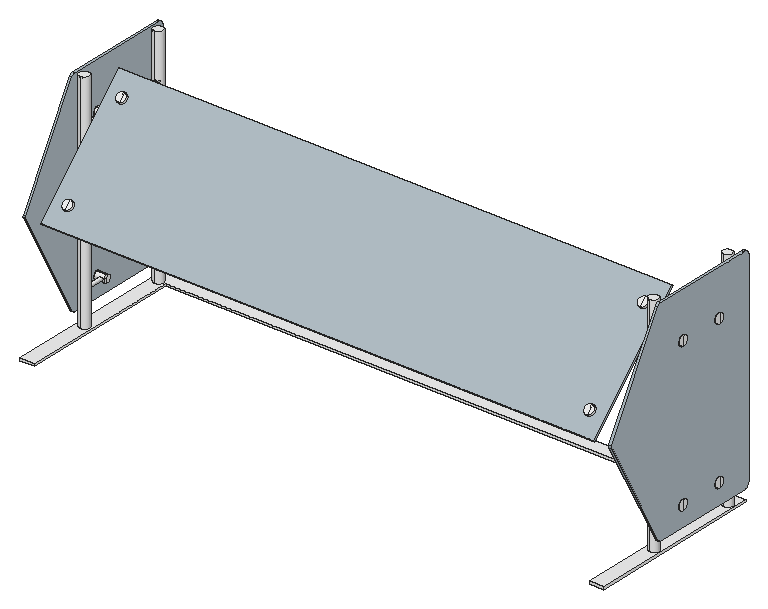
Revit family "QF_PMG_FM1R-A-P", category Specialty Equipment, Revit 2019 (continued)
Definition of nested family "FM1V-A-P_Front Bracket"
  Definition of nested family "Portable Adjustable Front Glass Mount_45"
    Forms (in)
      Revolve 4, solid, material <- "Frame Material"
        sketch origin (-2.49922, 2.06263, 7.47526) x (0, 0.92388, 0.382683) y (0, -0.382683, 0.92388)
          loop
            line (-1.25426, -5.10146) -> (-0.90781, -4.95795) -> (-1.33833, -3.91859) -> (-1.5693, -4.01426) -> (-1.68888, -3.72554) -> (-1.34243, -3.58204) -> (-1.39027, -3.46655) -> (-1.8522, -3.6579) -> (-1.25426, -5.10146)
          axis (-1.25426, -5.10146) -> (-1.8522, -3.6579)
        angle from 0 to 360
      Revolve 5, solid
        sketch origin (-2.49922, 2.06263, 7.47526) x (0, 0.92388, 0.382683) y (0, -0.382683, 0.92388)
          loop
            line (-1.80437, -3.77338) -> (-1.79241, -3.80225) -> (-1.44596, -3.65875) -> (-1.45791, -3.62987) -> (-1.80437, -3.77338)
          loop
            line (-1.69674, -4.03322) -> (-1.68478, -4.06209) -> (-1.33833, -3.91859) -> (-1.35028, -3.88972) -> (-1.69674, -4.03322)
          axis (-1.80437, -3.77338) -> (-1.68478, -4.06209)
        angle from 0 to 360
      Revolve 6, solid
        sketch origin (-2.49922, -5.00844, 0.40419) x (0, 0.92388, 0.382683) y (0, -0.382683, 0.92388)
          loop
            line (-1.80437, -3.77338) -> (-1.79241, -3.80225) -> (-1.44596, -3.65875) -> (-1.45791, -3.62987) -> (-1.80437, -3.77338)
          loop
            line (-1.69674, -4.03322) -> (-1.68478, -4.06209) -> (-1.33833, -3.91859) -> (-1.35028, -3.88972) -> (-1.69674, -4.03322)
          axis (-1.80437, -3.77338) -> (-1.68478, -4.06209)
        angle from 0 to 360
    Lines and regions (in)
      symbolic lines
        curve 1: line (0, 0, 0.375) -> (0, 0, -0.375)
        curve 2: line (0, -0.375, 0) -> (0, 0.375, 0)
        curve 3: line (0, 0, -0.375) -> (0, 0, 0.375)
        curve 4: line (-0.375, 0, 0) -> (0.375, 0, 0)
        curve 5: line (-3.34922, -0.46863, 0) -> (-3.34922, 0.46863, 0)
        curve 6: line (-3.34922, 0.46863, 0) -> (-3.31772, 0.50012, 0)
        curve 7: line (-3.31772, 0.50012, 0) -> (-3.04499, 0.50012, 0)
        curve 8: line (-3.04499, 0.50012, 0) -> (-3.01349, 0.46863, 0)
        curve 9: line (-3.01349, 0.46863, 0) -> (-2.982, 0.50012, 0)
        curve 10: line (-0.63, 0.375, 0) -> (-0.33072, 0.375, 0)
        curve 11: line (-3.01349, 0.46863, 0) -> (-3.01349, -0.46863, 0)
        curve 12: line (-3.04499, 0.50012, 0) -> (-3.04499, -0.50012, 0)
        curve 13: line (-3.31772, 0.50012, 0) -> (-3.31772, -0.50012, 0)
        curve 14: line (-2.982, 0.50012, 0) -> (-2.982, -0.50012, 0)
        curve 15: line (-3.34922, -0.46863, 0) -> (-3.31772, -0.50012, 0)
        curve 16: line (-3.31772, -0.50012, 0) -> (-3.04499, -0.50012, 0)
        curve 17: line (-3.04499, -0.50012, 0) -> (-3.01349, -0.46863, 0)
        curve 18: line (-3.01349, -0.46863, 0) -> (-2.982, -0.50012, 0)
        curve 19: line (-2.982, -0.50012, 0) -> (-0.63, -0.50012, 0)
        curve 20: line (-0.63, -0.50012, 0) -> (-0.63, 0.50012, 0)
        curve 21: line (-0.63, -0.375, 0) -> (-0.33072, -0.375, 0)
        curve 22: arc (-0.5, 0, 0) -> (-0.45572, -0.20572, 0) -> (-0.33072, -0.375, 0) r 0.5
        curve 23: line (0, 0.375, 0) -> (0, -0.375, 0)
        curve 24: line (0.375, 0, 0) -> (-0.375, 0, 0)
        curve 25: arc (-0.5, 0, 0) -> (-0.45572, 0.20572, 0) -> (-0.33072, 0.375, 0) r 0.5
        curve 26: spline (-2.99922, 1.83962, 0) -> (-2.98218, 1.93112, 0) -> (-2.93223, 2.01639, 0) -> (-2.85277, 2.08962, 0) -> (-2.74922, 2.1458, 0) -> (-2.62863, 2.18112, 0) -> (-2.49922, 2.19317, 0) -> (-2.36981, 2.18112, 0) -> (-2.24922, 2.1458, 0) -> (-2.14566, 2.08962, 0) -> (-2.0662, 2.01639, 0) -> (-2.01625, 1.93112, 0) -> (-1.99922, 1.83962, 0)
        curve 27: spline (-2.96639, 1.87721, 0) -> (-2.92154, 1.9405, 0) -> (-2.85976, 1.99619, 0) -> (-2.78352, 2.04206, 0) -> (-2.69589, 2.07628, 0) -> (-2.60037, 2.09747, 0) -> (-2.5008, 2.10478, 0) -> (-2.40117, 2.09792, 0) -> (-2.30547, 2.07716, 0) -> (-2.21753, 2.04333, 0) -> (-2.14088, 1.9978, 0) -> (-2.0786, 1.94238, 0) -> (-2.03318, 1.87931, 0)
        curve 28: spline (-2.03318, 1.87931, 0) -> (-1.99978, 1.76806, 0) -> (-2.01806, 1.65508, 0) -> (-2.08612, 1.55204, 0) -> (-2.19691, 1.46961, 0) -> (-2.33898, 1.41632, 0) -> (-2.49763, 1.39768, 0) -> (-2.65644, 1.41561, 0) -> (-2.79899, 1.46827, 0) -> (-2.91052, 1.5502, 0) -> (-2.9795, 1.65293, 0) -> (-2.99879, 1.76582, 0) -> (-2.96639, 1.87721, 0)
        curve 29: line (-2.99922, 1.83962, 0) -> (-2.99922, 1.75123, 0)
        curve 30: line (-1.99922, 1.83962, 0) -> (-1.99922, 1.75123, 0)
        curve 31: spline (-2.12448, 2.07368, 0) -> (-2.14111, 2.1397, 0) -> (-2.18064, 2.20066, 0) -> (-2.24055, 2.25266, 0) -> (-2.31699, 2.29238, 0) -> (-2.4051, 2.31727, 0) -> (-2.49922, 2.32575, 0) -> (-2.59334, 2.31727, 0) -> (-2.68144, 2.29238, 0) -> (-2.75789, 2.25266, 0) -> (-2.81779, 2.20066, 0) -> (-2.85733, 2.1397, 0) -> (-2.87396, 2.07368, 0)
        curve 32: spline (-2.12787, 2.07636, 0) -> (-2.15142, 2.13795, 0) -> (-2.19509, 2.19378, 0) -> (-2.25638, 2.24062, 0) -> (-2.33172, 2.27576, 0) -> (-2.41675, 2.29717, 0) -> (-2.50656, 2.3036, 0) -> (-2.59594, 2.29469, 0) -> (-2.67973, 2.27095, 0) -> (-2.75306, 2.23375, 0) -> (-2.81171, 2.18525, 0) -> (-2.85226, 2.12826, 0) -> (-2.87238, 2.06607, 0)
        curve 33: spline (-2.87238, 2.85608, 0) -> (-2.85966, 2.92471, 0) -> (-2.82239, 2.98866, 0) -> (-2.76308, 3.04358, 0) -> (-2.6858, 3.08572, 0) -> (-2.5958, 3.11221, 0) -> (-2.49922, 3.12125, 0) -> (-2.40264, 3.11221, 0) -> (-2.31264, 3.08572, 0) -> (-2.23535, 3.04358, 0) -> (-2.17605, 2.98866, 0) -> (-2.13877, 2.92471, 0) -> (-2.12606, 2.85608, 0)
        curve 34: line (-2.87238, 2.85608, 0) -> (-2.87238, 2.06607, 0)
        curve 35: line (-2.12606, 2.85608, 0) -> (-2.12606, 2.06607, 0)
        curve 36: spline (-2.99922, -5.23145, 0) -> (-2.98218, -5.13995, 0) -> (-2.93223, -5.05467, 0) -> (-2.85277, -4.98145, 0) -> (-2.74922, -4.92527, 0) -> (-2.62863, -4.88995, 0) -> (-2.49922, -4.8779, 0) -> (-2.36981, -4.88995, 0) -> (-2.24922, -4.92527, 0) -> (-2.14566, -4.98145, 0) -> (-2.0662, -5.05467, 0) -> (-2.01625, -5.13995, 0) -> (-1.99922, -5.23145, 0)
        curve 37: spline (-2.96639, -5.19385, 0) -> (-2.92154, -5.13057, 0) -> (-2.85976, -5.07488, 0) -> (-2.78352, -5.029, 0) -> (-2.69589, -4.99479, 0) -> (-2.60037, -4.9736, 0) -> (-2.5008, -4.96629, 0) -> (-2.40117, -4.97315, 0) -> (-2.30547, -4.99391, 0) -> (-2.21753, -5.02773, 0) -> (-2.14088, -5.07327, 0) -> (-2.0786, -5.12868, 0) -> (-2.03318, -5.19176, 0)
        curve 38: spline (-2.03318, -5.19176, 0) -> (-1.99978, -5.303, 0) -> (-2.01806, -5.41599, 0) -> (-2.08612, -5.51902, 0) -> (-2.19691, -5.60145, 0) -> (-2.33898, -5.65475, 0) -> (-2.49763, -5.67339, 0) -> (-2.65644, -5.65546, 0) -> (-2.79899, -5.6028, 0) -> (-2.91052, -5.52087, 0) -> (-2.9795, -5.41814, 0) -> (-2.99879, -5.30524, 0) -> (-2.96639, -5.19385, 0)
        curve 39: line (-2.99922, -5.23145, 0) -> (-2.99922, -5.31984, 0)
        curve 40: line (-1.99922, -5.23145, 0) -> (-1.99922, -5.31984, 0)
        curve 41: spline (-2.12448, -4.99739, 0) -> (-2.14111, -4.93137, 0) -> (-2.18064, -4.87041, 0) -> (-2.24055, -4.81841, 0) -> (-2.31699, -4.77869, 0) -> (-2.4051, -4.75379, 0) -> (-2.49922, -4.74532, 0) -> (-2.59334, -4.75379, 0) -> (-2.68144, -4.77869, 0) -> (-2.75789, -4.81841, 0) -> (-2.81779, -4.87041, 0) -> (-2.85733, -4.93137, 0) -> (-2.87396, -4.99739, 0)
        curve 42: spline (-2.12787, -4.9947, 0) -> (-2.15142, -4.93312, 0) -> (-2.19509, -4.87729, 0) -> (-2.25638, -4.83044, 0) -> (-2.33172, -4.7953, 0) -> (-2.41675, -4.7739, 0) -> (-2.50656, -4.76746, 0) -> (-2.59594, -4.77638, 0) -> (-2.67973, -4.80012, 0) -> (-2.75306, -4.83732, 0) -> (-2.81171, -4.88582, 0) -> (-2.85226, -4.94281, 0) -> (-2.87238, -5.005, 0)
        curve 43: spline (-2.87238, -4.21499, 0) -> (-2.87096, -4.19191, 0) -> (-2.86673, -4.169, 0) -> (-2.8597, -4.14644, 0) -> (-2.84993, -4.12441, 0) -> (-2.83751, -4.10306, 0) -> (-2.82251, -4.08256, 0) -> (-2.80507, -4.06307, 0) -> (-2.7853, -4.04473, 0) -> (-2.76336, -4.02768, 0) -> (-2.73941, -4.01205, 0) -> (-2.71364, -3.99797, 0) -> (-2.68625, -3.98553, 0)
        curve 44: line (-2.87238, -4.21499, 0) -> (-2.87238, -5.005, 0)
        curve 45: line (-2.12606, -4.21499, 0) -> (-2.12606, -5.005, 0)
        curve 46: line (-2.68625, -4.50196, 0) -> (-2.68625, -0.50012, 0)
        curve 47: line (-2.31219, -4.50196, 0) -> (-2.31219, -0.50012, 0)
        curve 48: spline (-2.31219, -3.98553, 0) -> (-2.28479, -3.99797, 0) -> (-2.25902, -4.01205, 0) -> (-2.23508, -4.02768, 0) -> (-2.21314, -4.04473, 0) -> (-2.19337, -4.06307, 0) -> (-2.17592, -4.08256, 0) -> (-2.16093, -4.10306, 0) -> (-2.1485, -4.12441, 0) -> (-2.13874, -4.14644, 0) -> (-2.13171, -4.169, 0) -> (-2.12747, -4.19191, 0) -> (-2.12606, -4.21499, 0)
        curve 49: spline (-2.31219, -4.50196, 0) -> (-2.31856, -4.53627, 0) -> (-2.33725, -4.56825, 0) -> (-2.36697, -4.59571, 0) -> (-2.4057, -4.61678, 0) -> (-2.45081, -4.63002, 0) -> (-2.49922, -4.63454, 0) -> (-2.54762, -4.63002, 0) -> (-2.59273, -4.61678, 0) -> (-2.63147, -4.59571, 0) -> (-2.66119, -4.56825, 0) -> (-2.67987, -4.53627, 0) -> (-2.68625, -4.50196, 0)
        curve 50: line (-2.982, 0.50012, 0) -> (-0.63, 0.50012, 0)
        curve 51: line (-2.68625, 0.50012, 0) -> (-2.68625, 1.42334, 0)
        curve 52: line (-2.31219, 0.50012, 0) -> (-2.31219, 1.42334, 0)
    Dimensions and locks (in)
      "Glass Thickness": plane 10 to plane 9
      plane 12 to plane 11 to plane 10 = 0' - 0 1/8" locked, 0' - 0 1/32" locked
      plane 9 to plane 8 to plane 5 to plane 6 to plane 7 = 0' - 0 1/32" locked, 0' - 0.71916" locked, 0' - 0 3/16" locked, 0' - 0.21834" locked
      plane 13 to Revolve 3 sketch curve to Revolve 3 sketch curve to Revolve 3 sketch curve = 0' - 0 1/8" locked, 0' - 0 1/4" locked, 0' - 0 1/8" locked
      plane 14 to Revolve 4 sketch curve to Revolve 4 sketch curve to Revolve 4 sketch curve = 0' - 0 1/8" locked, 0' - 0 1/4" locked, 0' - 0 1/8" locked
      plane 14 to Revolve 5 sketch curve to Revolve 5 sketch curve = 0' - 0 3/8" locked, 0' - 0" locked
      locked: plane 13 to plane 14 at 10
      plane 13 to Revolve 6 sketch curve to Revolve 6 sketch curve = 0' - 0 3/8" locked, 0' - 0" locked
      locked: plane 2 "REF. LAYER" to plane 7 (angle 45.00°)
      locked: plane 7 to plane 2 "REF. LAYER" (angle 135.00°)
      aligned and locked: level to plane 2 "REF. LAYER"
      aligned and locked: plane 6 to Revolve 2 sketch curve
      aligned and locked: Revolve 2 sketch curve to plane 5
      aligned and locked: Revolve 3 sketch curve to plane 7
      aligned and locked: plane 8 to Revolve 3 sketch curve
      aligned and locked: plane 11 to Revolve 3 sketch curve
      aligned and locked: Revolve 3 sketch curve to plane 12
      aligned and locked: Revolve 4 sketch curve to plane 7
      aligned and locked: plane 8 to Revolve 4 sketch curve
      aligned and locked: plane 11 to Revolve 4 sketch curve
      aligned and locked: Revolve 4 sketch curve to plane 12
      aligned and locked: Revolve 5 sketch curve to plane 8
      aligned and locked: plane 9 to Revolve 5 sketch curve
      aligned and locked: plane 10 to Revolve 5 sketch curve
      aligned and locked: Revolve 5 sketch curve to plane 11
      aligned and locked: plane 14 to Revolve 2 sketch curve
      aligned and locked: Revolve 2 sketch curve to plane 13
      aligned and locked: Revolve 3 sketch curve to plane 13
      aligned and locked: plane 13 to Revolve 6 sketch curve  (x2)
      aligned and locked: Revolve 6 sketch curve to plane 11
      aligned and locked: plane 10 to Revolve 6 sketch curve
      aligned and locked: plane 9 to Revolve 6 sketch curve
      aligned and locked: Revolve 6 sketch curve to plane 8
      aligned and locked: Revolve 6 sketch curve to plane 13
    Automatic sketch dimensions
      curve 2 to level = 0' - 0"
      curve 1 to plane 1 "BACK" = 0' - 0"
      plane 1 "BACK" to curve 2 = 0' - 0 3/8"
      curve 2 to plane 1 "BACK" = 0' - 0 3/8"
      curve 1 to level = 0' - 0 3/8"
      level to curve 1 = 0' - 0 3/8"
      curve 4 to level = 0' - 0"
      curve 3 to plane 3 "LEFT" = 0' - 0"
      curve 4 to plane 3 "LEFT" = 0' - 0 3/8"
      plane 3 "LEFT" to curve 4 = 0' - 0 3/8"
      curve 3 to level = 0' - 0 3/8"
      level to curve 3 = 0' - 0 3/8"
      Revolve 1 sketch curve to level = 0' - 0"  (x2)
      Revolve 1 sketch curve to plane 3 "LEFT" = 0' - 0"
      Revolve 1 sketch curve to Revolve 1 sketch curve = 0' - 0.63"
      Revolve 1 sketch curve to plane 4 "Center F/N" = 0' - 0.48278"
      Revolve 1 sketch curve to Revolve 1 sketch curve = 0' - 0.03149"  (x4)
      Revolve 1 sketch curve to Revolve 1 sketch curve = 0' - 0.27273"
      Revolve 1 sketch curve to level = 0' - 0 3/8"
      Revolve 1 sketch curve to level = 0' - 0.46863"
      Revolve 1 sketch curve to Revolve 1 sketch curve = 0' - 0"
      Revolve 1 sketch curve to Revolve 1 sketch curve = 0' - 0.28995"
      plane 3 "LEFT" to Revolve 1 sketch curve = 0' - 0.23069"
      Revolve 2 sketch curve to plane 5 = 0' - 0"  (x2)
      Revolve 2 sketch curve to Revolve 2 sketch curve = 0' - 2.19335"
      Revolve 2 sketch curve to Revolve 2 sketch curve = 0' - 0.34559"
      plane 13 to Revolve 3 sketch curve = 0' - 0"  (x2)
      Revolve 3 sketch curve to Revolve 3 sketch curve = 0' - 0.31654"
      Revolve 3 sketch curve to Revolve 3 sketch curve = 0' - 0.1379"
      plane 14 to Revolve 4 sketch curve = 0' - 0"  (x3)
      Revolve 4 sketch curve to Revolve 4 sketch curve = 0' - 0.2687"
      Revolve 4 sketch curve to Revolve 4 sketch curve = 0' - 0.1379"
      plane 14 to Revolve 5 sketch curve = 0' - 0"  (x4)
      Revolve 5 sketch curve to Revolve 5 sketch curve = 0' - 0.23472"
      Revolve 5 sketch curve to Revolve 5 sketch curve = 0' - 0 69/128"
      Revolve 6 sketch curve to Revolve 6 sketch curve = 0' - 0.23472"
      Revolve 6 sketch curve to Revolve 6 sketch curve = 0' - 0 69/128"
      curve 22 to curve 25 = 0' - 0"
      curve 28 to plane 4 "Center F/N" = 0' - 0"
      curve 49 to plane 4 "Center F/N" = 0' - 0"
      curve 42 to plane 4 "Center F/N" = 0' - 0"
      curve 38 to plane 4 "Center F/N" = 0' - 0"
      curve 48 to plane 4 "Center F/N" = 0' - 0"
      curve 31 to plane 4 "Center F/N" = 0' - 0"
      curve 43 to plane 4 "Center F/N" = 0' - 0"
      curve 32 to plane 4 "Center F/N" = 0' - 0"
      curve 27 to plane 4 "Center F/N" = 0' - 0"
      curve 33 to plane 4 "Center F/N" = 0' - 0"
      curve 41 to plane 4 "Center F/N" = 0' - 0"
      curve 37 to plane 4 "Center F/N" = 0' - 0"
      plane 1 "BACK" to curve 25 = 0' - 0"
      plane 1 "BACK" to curve 24 = 0' - 0"
      curve 22 to plane 3 "LEFT" = 0' - 0"
      curve 23 to plane 3 "LEFT" = 0' - 0"
      curve 46 to plane 4 "Center F/N" = 0' - 0.18703"
      curve 34 to curve 33 = 0' - 0.37316"
      curve 44 to curve 43 = 0' - 0.18613"
      curve 14 to plane 4 "Center F/N" = 0' - 0.48278"
      curve 39 to curve 42 = 0' - 0.12684"
      curve 29 to curve 32 = 0' - 0.12684"
      curve 11 to curve 14 = 0' - 0.03149"
      curve 12 to curve 11 = 0' - 0.03149"
      curve 13 to curve 7 = 0' - 0.27273"
      curve 15 to curve 13 = 0' - 0.03149"
      curve 48 to curve 45 = 0' - 0.18613"
      curve 20 to plane 3 "LEFT" = 0' - 0.63"
      curve 21 to curve 21 = 0' - 0.29928"
      curve 10 to curve 10 = 0' - 0.29928"
      plane 1 "BACK" to curve 21 = 0' - 0 3/8"
      plane 1 "BACK" to curve 5 = 0' - 0.46863"
      curve 5 to curve 18 = 0' - 0"
      curve 18 to curve 11 = 0' - 0.03149"
      curve 44 to curve 14 = 0' - 3 183/256"
      curve 43 to curve 45 = 0' - 0"
      curve 46 to curve 44 = 0' - 0.28697"
      curve 44 to curve 49 = 0' - 0.50305"
      curve 40 to curve 47 = 0' - 0.7295"
      curve 5 to plane 1 "BACK" = 0' - 0.46863"
      curve 5 to curve 9 = 0' - 0"
      curve 8 to curve 12 = 0' - 0.03149"
      curve 26 to curve 34 = 0' - 0.22645"
      curve 34 to curve 34 = 0' - 0.79002"
      curve 51 to plane 4 "Center F/N" = 0' - 0.18703"
      curve 41 to curve 42 = 0' - 0.00158"
      curve 31 to curve 34 = 0' - 0.00158"
      curve 36 to curve 37 = 0' - 0.03282"
      curve 26 to curve 28 = 0' - 0.03282"
      curve 42 to curve 41 = 0' - 0.00339"
      curve 32 to curve 31 = 0' - 0.00339"
      curve 28 to curve 30 = 0' - 0.03396"
      curve 38 to curve 40 = 0' - 0.03396"
      curve 25 to curve 24 = 0' - 0 1/8"
      plane 3 "LEFT" to curve 24 = 0' - 0 3/8"
      curve 21 to curve 23 = 0' - 0"
      curve 43 to curve 43 = 0' - 0.22946"
      curve 48 to curve 48 = 0' - 0.22946"
      curve 49 to curve 49 = 0' - 0.13258"
      curve 41 to curve 49 = 0' - 0.11078"
      curve 42 to curve 41 = 0' - 0.0221"  (x2)
      curve 40 to curve 42 = 0' - 0.23675"
      curve 45 to curve 41 = 0' - 0.00761"
      curve 40 to curve 37 = 0' - 0.03969"
      curve 36 to curve 37 = 0' - 0.0376"
      curve 39 to curve 39 = 0' - 0.08839"
      curve 40 to curve 36 = 0' - 0.08839"
      curve 37 to curve 38 = 0' - 0"
      curve 10 to curve 23 = 0' - 0"
      curve 52 to curve 27 = 0' - 0.89755"
      curve 28 to curve 27 = 0' - 0"
      curve 27 to curve 52 = 0' - 0.02567"
      curve 27 to curve 51 = 0' - 0.02567"
      curve 27 to curve 26 = 0' - 0.08839"  (x2)
      curve 29 to curve 29 = 0' - 0.08839"
      curve 30 to curve 26 = 0' - 0.08839"
      curve 26 to curve 32 = 0' - 0.19887"
      curve 32 to curve 31 = 0' - 0.0221"  (x2)
      curve 35 to curve 31 = 0' - 0.00761"
      curve 31 to curve 33 = 0' - 0.26517"
Types (4): name | Frame Material
  (no name) | QF_Stainless-Brushed-Satin
  Brushed Stainless Steel #4 | QF_Stainless-Brushed-Satin
  Polished Stainless Steel #8 | QF_Stainless-Polished
  Flat Black 049/80350 | QF_Steel-Paint Finish-Flat Black
